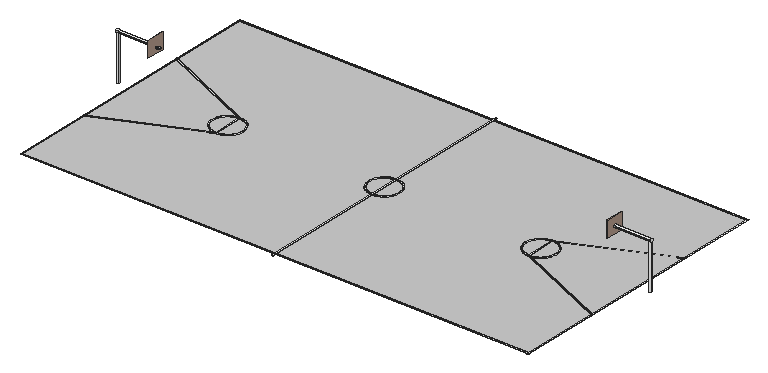
Revit family
Parameters (values of type "26000 x 14000 mm")
  Width = 14000 mm
  Pole Material = Steel
  Marking Finish = Paint
  Length = 26000 mm
  Concrete Finish = Concrete
  Board Finish = Wood
Reference planes
  plane 1 "Center (Front/Back)": y = 0
  plane 2: z = 0
  plane 3 "Center (Left/Right)": x = 0
  plane 4: y = 7000
  plane 5: y = -7000
  plane 6: x = 13000
  plane 7: x = -13000
  plane 8: y = 3000
  plane 9: y = -3000
  plane 10: y = 3000
  plane 11: y = -3000
  plane 12: z = 2300
Forms (mm)
  Extrusion 1, solid, material "Concrete" <- "Concrete Finish"
    sketch origin (0, 0, 0) x (1, 0, 0) y (0, 1, 0)
      loop
        line (-13000, 7000) -> (-13000, -7000) -> (13000, -7000) -> (13000, 7000) -> (-13000, 7000)
    from 0 to 2
  Extrusion 2, solid, material "Paint" <- "Marking Finish"
    sketch origin (0, 0, 0) x (1, 0, 0) y (0, 1, 0)
      loop
        line (-13000, 7000) -> (-13000, -7000) -> (13000, -7000) -> (13000, 7000) -> (-13000, 7000)
      loop
        line (-12950, 6950) -> (-12950, -6950) -> (12950, -6950) -> (12950, 6950) -> (-12950, 6950)
    from 2 to 4
  Extrusion 3, solid, material "Paint" <- "Marking Finish"
    sketch origin (0, 0, 0) x (1, 0, 0) y (0, 1, 0)
      loop
        line (-25, -7150) -> (25, -7150) -> (25, 7150) -> (-25, 7150) -> (-25, -7150)
    from 2 to 4
  Extrusion 4, solid, material "Paint" <- "Marking Finish"
    sketch origin (0, 0, 0) x (1, 0, 0) y (0, 1, 0)
      loop
        circle (0, 0) r 800
      loop
        circle (0, 0) r 750
    from 2 to 4
  Extrusion 5, solid, material "Paint" <- "Marking Finish"
    sketch origin (0, 0, 0) x (1, 0, 0) y (0, 1, 0)
      loop
        circle (-8000, 0) r 800
      loop
        circle (-8000, 0) r 750
      loop
        circle (8000, 0) r 800
      loop
        circle (8000, 0) r 750
    from 2 to 4
  Extrusion 6, solid, material "Paint" <- "Marking Finish"
    sketch origin (0, 0, 0) x (1, 0, 0) y (0, 1, 0)
      loop
        line (8025, -750) -> (8025, 750) -> (7975, 750) -> (7975, -750) -> (8025, -750)
      loop
        line (-8025, -750) -> (-7975, -750) -> (-7975, 750) -> (-8025, 750) -> (-8025, -750)
    from 2 to 4
  Extrusion 7, solid, material "Paint" <- "Marking Finish"
    sketch origin (0, 0, 0) x (1, 0, 0) y (0, 1, 0)
      loop
        line (-13000, 3000) -> (-13000, 2945.374) -> (-8107.622, 792.728)
        arc (-8107.622, 792.728) -> (-8053.934, 798.18) -> (-8000, 800) r 800
        line (-8000, 800) -> (-13000, 3000)
      loop
        line (-13000, -3000) -> (-8000, -800)
        arc (-8000, -800) -> (-8053.934, -798.18) -> (-8107.622, -792.728) r 800
        line (-8107.622, -792.728) -> (-13000, -2945.374) -> (-13000, -3000)
      loop
        line (13000, 3000) -> (8000, 800)
        arc (8000, 800) -> (8053.934, 798.18) -> (8107.622, 792.728) r 800
        line (8107.622, 792.728) -> (13000, 2945.374) -> (13000, 3000)
      loop
        line (13000, -3000) -> (13000, -2945.374) -> (8107.622, -792.728)
        arc (8107.622, -792.728) -> (8053.934, -798.18) -> (8000, -800) r 800
        line (8000, -800) -> (13000, -3000)
    from 2 to 4
  Extrusion 8, solid, material "Steel" <- "Pole Material"
    sketch origin (-15, 0, 0) x (1, 0, 0) y (0, 1, 0)
      loop
        circle (-13600, 0) r 60
    from 0 to 2300
  Sweep 9, solid, material "Steel" <- "Pole Material"
    path origin (0, 0, 2300) x (-1, 0, 0) y (0, -1, 0)
      loop
        line (13675, 0) -> (11750, 0)
    profile origin (-12712.5, 0, 0) x (0, 1, 0) y (0, 0, 1)
      loop
        circle (0, 2360) r 60
  Extrusion 10, solid, material "Wood" <- "Board Finish"
    sketch origin (0, 0, 0) x (1, 0, 0) y (0, 0, 1)
      loop
        line (-11750, 1975) -> (-11700, 1975) -> (-11700, 2775) -> (-11750, 2775) -> (-11750, 1975)
    from -450 to 450
  Extrusion 11, solid, material "Steel" <- "Pole Material"
    sketch origin (0, 0, 0) x (-1, 0, 0) y (0, -1, 0)
      loop
        circle (-13615, 0) r 60
    from 0 to 2300
  Extrusion 12, solid, material "Wood" <- "Board Finish"
    sketch origin (0, 0, 0) x (-1, 0, 0) y (0, 0, -1)
      loop
        line (-11750, -1975) -> (-11750, -2775) -> (-11700, -2775) -> (-11700, -1975) -> (-11750, -1975)
    from -456.396 to 443.604
  Sweep 13, solid, material "Steel" <- "Pole Material"
    path origin (0, 0, 2300) x (-1, 0, 0) y (0, -1, 0)
      loop
        line (-13675, 0) -> (-11750, 0)
    profile origin (12712.5, 0, 0) x (0, -1, 0) y (0, 0, 1)
      loop
        circle (0, 2360) r 60
  Sweep 14, solid, material "Steel" <- "Pole Material"
    path origin (0, 0, 2300) x (-1, 0, 0) y (0, -1, 0)
      loop
        line (11700, 0) -> (11600, 0)
    profile origin (-11650, 0, 0) x (0, 1, 0) y (0, 0, 1)
      loop
        circle (0, 2300) r 15
  Extrusion 15, solid, material "Steel" <- "Pole Material"
    sketch origin (0, 0, 2300) x (-1, 0, 0) y (0, -1, 0)
      loop
        circle (11525, 0) r 75
      loop
        circle (11525, 0) r 70
    from 4.981 to 0
  Extrusion 16, solid, material "Steel" <- "Pole Material"
    sketch origin (0, 0, 2300) x (0, -1, 0) y (-1, 0, 0)
      loop
        circle (0, -11525) r 75
      loop
        circle (0, -11525) r 70
    from 4.981 to 0
  Sweep 17, solid, material "Steel" <- "Pole Material"
    path origin (0, 0, 2300) x (-1, 0, 0) y (0, -1, 0)
      loop
        line (-11600, 0) -> (-11700, 0)
    profile origin (11650, 0, 0) x (0, 1, 0) y (0, 0, 1)
      loop
        circle (0, 2300) r 15
Lines and regions (mm)
  symbolic lines
    curve 1: line (-13000, 7000, 0) -> (-13000, -7000, 0)
    curve 2: line (13000, 7000, 0) -> (-13000, 7000, 0)
    curve 3: line (-12950, 6950, 0) -> (12950, 6950, 0)
    curve 4: line (-12950, -6950, 0) -> (-12950, 6950, 0)
    curve 5: line (12950, -6950, 0) -> (-12950, -6950, 0)
    curve 6: line (-13000, -7000, 0) -> (13000, -7000, 0)
    curve 7: line (13000, -7000, 0) -> (13000, 7000, 0)
    curve 8: line (12950, 6950, 0) -> (12950, -6950, 0)
    curve 9: line (8000, -800, 0) -> (13000, -3000, 0)
    curve 10: line (13000, -2945.374, 0) -> (8107.622, -792.728, 0)
    curve 11: line (7975, 750, 0) -> (7975, -750, 0)
    curve 12: line (8025, -750, 0) -> (8025, 750, 0)
    curve 13: arc (8000, -800, 0) -> (8800, 0, 0) -> (8000, 800, 0) r 800
    curve 14: arc (8000, 750, 0) -> (8750, 0, 0) -> (8000, -750, 0) r 750
    curve 15: arc (8000, 800, 0) -> (7200, 0, 0) -> (8000, -800, 0) r 800
    curve 16: arc (8000, -750, 0) -> (7250, 0, 0) -> (8000, 750, 0) r 750
    curve 17: line (8107.622, 792.728, 0) -> (13000, 2945.374, 0)
    curve 18: line (13000, 3000, 0) -> (8000, 800, 0)
    curve 19: line (11700, 456.396, 0) -> (11700, -443.604, 0)
    curve 20: line (11750, -443.604, 0) -> (11750, 456.396, 0)
    curve 21: line (13675, 60, 0) -> (11750, 60, 0)
    curve 22: line (11750, -60, 0) -> (13675, -60, 0)
    curve 23: line (11750, 456.396, 0) -> (11700, 456.396, 0)
    curve 24: line (11700, -443.604, 0) -> (11750, -443.604, 0)
    curve 25: arc (11525, 75, 0) -> (11600, 0, 0) -> (11525, -75, 0) r 75
    curve 26: arc (11525, -75, 0) -> (11450, 0, 0) -> (11525, 75, 0) r 75
    curve 27: arc (11525, 70, 0) -> (11455, 0, 0) -> (11525, -70, 0) r 70
    curve 28: arc (11525, -70, 0) -> (11595, 0, 0) -> (11525, 70, 0) r 70
    curve 29: line (11700, 15, 0) -> (11600, 15, 0)
    curve 30: line (11600, -15, 0) -> (11700, -15, 0)
    curve 31: line (11600, -15, 0) -> (11600, 15, 0)
    curve 32: line (13675, 60, 0) -> (13675, -60, 0)
    curve 33: line (-11750, 60, 0) -> (-13675, 60, 0)
    curve 34: line (-13675, -60, 0) -> (-11750, -60, 0)
    curve 35: line (-13675, -60, 0) -> (-13675, 60, 0)
    curve 36: line (-11750, 450, 0) -> (-11750, -450, 0)
    curve 37: line (-11700, -450, 0) -> (-11700, 450, 0)
    curve 38: line (-11700, 450, 0) -> (-11750, 450, 0)
    curve 39: line (-11750, -450, 0) -> (-11700, -450, 0)
    curve 40: arc (-11450, 0, 0) -> (-11525, 75, 0) -> (-11600, 0, 0) r 75
    curve 41: arc (-11595, 0, 0) -> (-11525, 70, 0) -> (-11455, 0, 0) r 70
    curve 42: arc (-11455, 0, 0) -> (-11525, -70, 0) -> (-11595, 0, 0) r 70
    curve 43: arc (-11600, 0, 0) -> (-11525, -75, 0) -> (-11450, 0, 0) r 75
    curve 44: line (-11700, -15, 0) -> (-11600, -15, 0)
    curve 45: line (-11600, 15, 0) -> (-11700, 15, 0)
    curve 46: line (-11600, -15, 0) -> (-11600, 15, 0)
    curve 47: line (-13000, 2945.374, 0) -> (-8107.622, 792.728, 0)
    curve 48: line (-8000, 800, 0) -> (-13000, 3000, 0)
    curve 49: line (-8107.622, -792.728, 0) -> (-13000, -2945.374, 0)
    curve 50: line (-13000, -3000, 0) -> (-8000, -800, 0)
    curve 51: arc (-8000, -750, 0) -> (-8750, 0, 0) -> (-8000, 750, 0) r 750
    curve 52: arc (-8000, 800, 0) -> (-8800, 0, 0) -> (-8000, -800, 0) r 800
    curve 53: arc (-8000, 750, 0) -> (-7250, 0, 0) -> (-8000, -750, 0) r 750
    curve 54: arc (-8000, -800, 0) -> (-7200, 0, 0) -> (-8000, 800, 0) r 800
    curve 55: line (-7975, -750, 0) -> (-7975, 750, 0)
    curve 56: line (-8025, 750, 0) -> (-8025, -750, 0)
    curve 57: arc (0, -800, 0) -> (800, 0, 0) -> (0, 800, 0) r 800
    curve 58: arc (0, 750, 0) -> (750, 0, 0) -> (0, -750, 0) r 750
    curve 59: arc (0, 800, 0) -> (-800, 0, 0) -> (0, -800, 0) r 800
    curve 60: arc (0, -750, 0) -> (-750, 0, 0) -> (0, 750, 0) r 750
    curve 61: line (25, -7150, 0) -> (25, 7150, 0)
    curve 62: line (-25, 7150, 0) -> (-25, -7150, 0)
    curve 63: line (25, 7150, 0) -> (-25, 7150, 0)
    curve 64: line (-25, -7150, 0) -> (25, -7150, 0)
Dimensions and locks
  equal spacing: plane 7, plane 3 "Center (Left/Right)", plane 6
  "Length": plane 7 to plane 6
  equal spacing: plane 5, plane 1 "Center (Front/Back)", plane 4
  "Width": plane 5 to plane 4
  locked: plane 8 to plane 9 at 6000
  equal spacing: plane 8, plane 1 "Center (Front/Back)", plane 9
  equal spacing: plane 11, plane 1 "Center (Front/Back)", plane 10
  locked: plane 11 to plane 10 at 6000
  locked: plane 12 to level at 2300
  locked: Extrusion 10 to Extrusion 10 at 800
  radius of Extrusion 5 = 800 mm  (x2)
  radius of Extrusion 4 = 800 mm
  aligned and locked: plane 7 to Extrusion 1 sketch curve
  aligned and locked: plane 4 to Extrusion 1 sketch curve
  aligned and locked: plane 5 to Extrusion 1 sketch curve
  aligned and locked: plane 6 to Extrusion 1 sketch curve
  aligned and locked: Extrusion 2 sketch curve to Extrusion 1  (x3)
  aligned and locked: Extrusion 1 to Extrusion 2 sketch curve
  aligned and locked: plane 3 "Center (Left/Right)" to Extrusion 4 sketch curve  (x2)
  aligned and locked: plane 10 to Extrusion 7
  aligned and locked: plane 11 to Extrusion 7
  aligned and locked: plane 12 to Extrusion 8
  aligned and locked: Sweep 9 sketch curve to Extrusion 8
  aligned and locked: Extrusion 10 sketch curve to Sweep 9
  aligned and locked: Sweep 13 sketch curve to Extrusion 12
  aligned and locked: Sweep 13 sketch curve to Extrusion 11
  aligned and locked: Sweep 13 sketch curve to Sweep 9
  aligned and locked: plane 12 to Extrusion 11
  aligned and locked: Extrusion 11 to level
  aligned and locked: Sweep 14 sketch curve to Extrusion 10
  aligned and locked: plane 1 "Center (Front/Back)" to Sweep 14 sketch curve
  aligned and locked: Extrusion 15 to plane 12
  aligned and locked: plane 1 "Center (Front/Back)" to Sweep 17 sketch curve
Automatic sketch dimensions
  Extrusion 2 sketch curve to plane 7 = 50 mm
  plane 6 to Extrusion 2 sketch curve = 50 mm
  Extrusion 2 sketch curve to plane 5 = 50 mm
  plane 4 to Extrusion 2 sketch curve = 50 mm
  Extrusion 4 sketch curve to plane 1 "Center (Front/Back)" = 0 mm  (x2)
  plane 1 "Center (Front/Back)" to Extrusion 4 sketch curve = 750 mm
  Extrusion 4 sketch curve to Extrusion 4 sketch curve = 50 mm
  Extrusion 5 sketch curve to plane 1 "Center (Front/Back)" = 0 mm  (x4)
  Extrusion 5 sketch curve to plane 1 "Center (Front/Back)" = 750 mm
  plane 6 to Extrusion 5 sketch curve = 5000 mm
  Extrusion 5 sketch curve to Extrusion 5 sketch curve = 0 mm  (x2)
  Extrusion 5 sketch curve to Extrusion 5 sketch curve = 50 mm  (x2)
  plane 1 "Center (Front/Back)" to Extrusion 5 sketch curve = 800 mm
  Extrusion 5 sketch curve to plane 7 = 5000 mm
  Extrusion 6 sketch curve to plane 1 "Center (Front/Back)" = 750 mm  (x2)
  plane 6 to Extrusion 6 sketch curve = 5025 mm
  Extrusion 6 sketch curve to Extrusion 6 sketch curve = 50 mm  (x2)
  plane 1 "Center (Front/Back)" to Extrusion 6 sketch curve = 750 mm  (x2)
  Extrusion 7 sketch curve to plane 7 = 0 mm  (x2)
  Extrusion 7 sketch curve to plane 1 "Center (Front/Back)" = 0 mm  (x4)
  Extrusion 7 sketch curve to plane 1 "Center (Front/Back)" = 792.728 mm  (x2)
  plane 1 "Center (Front/Back)" to Extrusion 7 sketch curve = 792.728 mm  (x2)
  Extrusion 7 sketch curve to Extrusion 7 sketch curve = 0 mm  (x2)
  Extrusion 7 sketch curve to Extrusion 7 sketch curve = 107.622 mm  (x3)
  plane 1 "Center (Front/Back)" to Extrusion 7 sketch curve = 2945.374 mm
  Extrusion 7 sketch curve to Extrusion 7 sketch curve = 54.626 mm  (x4)
  Extrusion 7 sketch curve to plane 1 "Center (Front/Back)" = 2945.374 mm  (x2)
  Extrusion 7 sketch curve to plane 7 = 4892.378 mm
  Extrusion 7 sketch curve to plane 6 = 0 mm  (x2)
  Extrusion 7 sketch curve to plane 1 "Center (Front/Back)" = 800 mm
  plane 6 to Extrusion 7 sketch curve = 5000 mm
  plane 1 "Center (Front/Back)" to Extrusion 7 sketch curve = 3000 mm
  Extrusion 3 sketch curve to plane 3 "Center (Left/Right)" = 25 mm
  plane 3 "Center (Left/Right)" to Extrusion 3 sketch curve = 25 mm
  plane 5 to Extrusion 3 sketch curve = 150 mm
  Extrusion 3 sketch curve to plane 4 = 150 mm
  Extrusion 8 sketch curve to plane 1 "Center (Front/Back)" = 0 mm
  plane 7 to Extrusion 8 sketch curve = 615 mm
  Sweep 9 sketch curve to plane 7 = 1250 mm
  plane 7 to Sweep 9 sketch curve = 675 mm
  Extrusion 10 sketch curve to Extrusion 10 sketch curve = 50 mm
  Extrusion 10 sketch curve to plane 12 = 325 mm
  plane 12 to Extrusion 10 sketch curve = 475 mm
  Extrusion 12 sketch curve to Extrusion 12 sketch curve = 50 mm
  plane 12 to Extrusion 12 sketch curve = 475 mm
  Extrusion 12 sketch curve to plane 12 = 325 mm
  plane 6 to Extrusion 12 sketch curve = 1250 mm
  Sweep 13 sketch curve to plane 6 = 675 mm
  Extrusion 6 sketch curve to plane 7 = 5025 mm
  Sweep 14 sketch curve to Sweep 14 sketch curve = 100 mm
  Sweep 14 sketch curve to plane 12 = 0 mm
  Sweep 14 sketch curve to profile plane = 0 mm
  Extrusion 15 sketch curve to plane 1 "Center (Front/Back)" = 0 mm  (x2)
  Extrusion 15 sketch curve to plane 7 = 1475 mm
  Extrusion 15 sketch curve to Extrusion 15 sketch curve = 0 mm
  Sweep 9 sketch curve to profile plane = 0 mm
  plane 12 to Sweep 9 sketch curve = 60 mm
  Extrusion 11 sketch curve to plane 1 "Center (Front/Back)" = 0 mm
  Extrusion 11 sketch curve to plane 6 = 615 mm
  Extrusion 16 sketch curve to plane 1 "Center (Front/Back)" = 0 mm  (x2)
  plane 6 to Extrusion 16 sketch curve = 1475 mm
  Extrusion 16 sketch curve to Extrusion 16 sketch curve = 0 mm
  plane 6 to Sweep 17 sketch curve = 1300 mm
  Sweep 17 sketch curve to Sweep 17 sketch curve = 100 mm
  Sweep 17 sketch curve to plane 12 = 0 mm
  Sweep 17 sketch curve to profile plane = 0 mm
  curve 2 to plane 4 = 0 mm
  curve 2 to plane 7 = 0 mm
  curve 43 to plane 1 "Center (Front/Back)" = 0 mm
  curve 42 to plane 1 "Center (Front/Back)" = 0 mm
  curve 53 to plane 1 "Center (Front/Back)" = 0 mm
  curve 52 to plane 1 "Center (Front/Back)" = 0 mm
  curve 57 to plane 1 "Center (Front/Back)" = 0 mm
  curve 57 to plane 3 "Center (Left/Right)" = 0 mm
  curve 58 to plane 1 "Center (Front/Back)" = 0 mm
  curve 58 to plane 3 "Center (Left/Right)" = 0 mm
  curve 15 to plane 1 "Center (Front/Back)" = 0 mm
  curve 16 to plane 1 "Center (Front/Back)" = 0 mm
  curve 27 to plane 1 "Center (Front/Back)" = 0 mm
  curve 25 to plane 1 "Center (Front/Back)" = 0 mm
  curve 6 to plane 5 = 0 mm
  curve 6 to plane 6 = 0 mm
  curve 9 to plane 9 = 0 mm
  curve 50 to plane 9 = 0 mm
  curve 18 to plane 8 = 0 mm
  curve 48 to plane 8 = 0 mm
  curve 33 to plane 1 "Center (Front/Back)" = 60 mm
  plane 7 to curve 33 = 675 mm
  curve 4 to plane 7 = 50 mm
  plane 1 "Center (Front/Back)" to curve 34 = 60 mm
  curve 34 to plane 7 = 1250 mm
  curve 36 to curve 37 = 50 mm
  plane 1 "Center (Front/Back)" to curve 46 = 15 mm
  curve 44 to curve 46 = 100 mm
  curve 43 to curve 45 = 0 mm
  curve 40 to curve 42 = 5 mm
  curve 41 to curve 41 = 70 mm
  curve 40 to curve 41 = 0 mm
  plane 1 "Center (Front/Back)" to curve 49 = 792.728 mm
  curve 40 to curve 49 = 3342.378 mm
  curve 47 to plane 1 "Center (Front/Back)" = 792.728 mm
  curve 47 to curve 56 = 82.622 mm
  curve 56 to curve 53 = 25 mm
  plane 1 "Center (Front/Back)" to curve 50 = 800 mm
  curve 53 to curve 55 = 25 mm
  curve 64 to plane 3 "Center (Left/Right)" = 25 mm
  plane 3 "Center (Left/Right)" to curve 63 = 25 mm
  plane 1 "Center (Front/Back)" to curve 11 = 750 mm
  plane 6 to curve 11 = 5025 mm
  curve 11 to curve 16 = 25 mm
  curve 18 to plane 1 "Center (Front/Back)" = 800 mm
  curve 18 to curve 14 = 0 mm
  curve 14 to curve 12 = 25 mm
  curve 17 to plane 1 "Center (Front/Back)" = 792.728 mm
  plane 1 "Center (Front/Back)" to curve 10 = 792.728 mm
  curve 27 to plane 1 "Center (Front/Back)" = 70 mm
  plane 6 to curve 27 = 1475 mm
  curve 26 to curve 27 = 0 mm
  curve 29 to plane 1 "Center (Front/Back)" = 15 mm
  curve 25 to curve 29 = 75 mm
  curve 29 to curve 29 = 100 mm
  curve 19 to curve 24 = 50 mm
  plane 6 to curve 8 = 50 mm
  curve 32 to plane 1 "Center (Front/Back)" = 60 mm
  curve 32 to plane 6 = 675 mm
  plane 5 to curve 62 = 150 mm
  curve 5 to plane 5 = 50 mm
  curve 50 to curve 49 = 54.626 mm
  curve 9 to curve 10 = 54.626 mm
  plane 1 "Center (Front/Back)" to curve 59 = 800 mm
  curve 54 to curve 56 = 50 mm
  curve 14 to curve 11 = 0 mm
  curve 51 to curve 56 = 0 mm
  curve 12 to curve 14 = 0 mm  (x2)
  curve 55 to curve 53 = 0 mm  (x2)
  curve 57 to curve 58 = 50 mm
  curve 39 to curve 34 = 390 mm
  curve 19 to curve 27 = 373.604 mm
  curve 26 to curve 27 = 5 mm
  plane 1 "Center (Front/Back)" to curve 22 = 60 mm
  plane 1 "Center (Front/Back)" to curve 31 = 15 mm
  curve 45 to plane 1 "Center (Front/Back)" = 15 mm
  curve 33 to curve 37 = 390 mm
  curve 21 to curve 20 = 396.396 mm
  curve 56 to curve 51 = 0 mm
  curve 11 to curve 16 = 0 mm
  curve 47 to plane 8 = 54.626 mm
  curve 17 to plane 8 = 54.626 mm
  plane 4 to curve 3 = 50 mm
  curve 63 to plane 4 = 150 mm
  radius of Extrusion 8 sketch curve = 60 mm
  radius of Sweep 14 sketch curve = 15 mm
  radius of Extrusion 15 sketch curve = 75 mm
  radius of Extrusion 15 sketch curve = 70 mm
  radius of Sweep 9 sketch curve = 60 mm
  radius of Extrusion 11 sketch curve = 60 mm
  radius of Extrusion 16 sketch curve = 75 mm
  radius of Extrusion 16 sketch curve = 70 mm
  radius of Sweep 17 sketch curve = 15 mm
